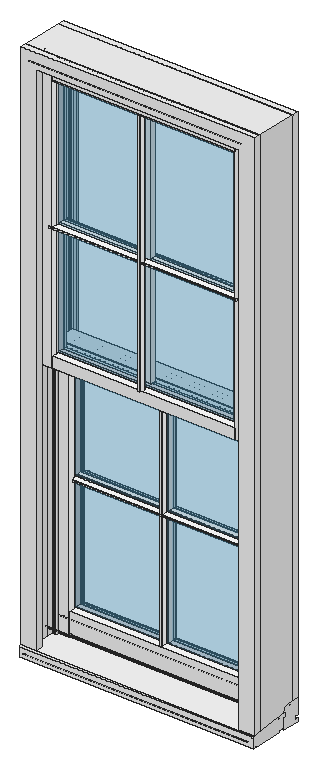
Revit family "S1-44", category Generic Models, Revit 2012
Parameters (values of type "Window Sill drawing")
  Width = 757 mm
  Height = 1770 mm
  GlazingPanelMaterial = Glass
  Floor Material = White
Reference planes
  plane 1 "Center (Front/Back)": y = 0
  plane 2: z = 0
  plane 3 "Center (Left/Right)": x = 0
  plane 4: z = 33
  plane 5: x = -714
  plane 6: x = -750
  plane 7: x = -718
  plane 8: x = 7
  plane 9: y = 67
  plane 10: y = -67
  plane 11: x = -25
  plane 12: z = 1770
  plane 13: z = 1738
  plane 14: z = 578
  plane 15: y = -35.88
  plane 16: x = -705.5
  plane 17: x = -29
  plane 18: y = 35.12
  plane 19: x = -705.5
  plane 20: z = 622
  plane 21: z = 117
  plane 22: y = 72.25
  plane 23: x = -371.5
  plane 24: y = -35.88
  plane 25: x = -36
  plane 26: y = 35.12
  plane 27: x = -36
  plane 28: z = 900.5
  plane 29: z = 910.5
  plane 30: y = 46.992
  plane 31: y = 46.992
  plane 32: y = 46.992
  plane 33: z = 501.251
  plane 34: z = 1734
  plane 35: z = 1254.52
  plane 36: y = 46.992
  plane 37: y = 46.992
  plane 38: y = 46.992
  plane 39: y = -30.499
  plane 40: y = -30.499
  plane 41: y = -30.499
Forms (mm)
  Extrusion 1, solid, not visible
    sketch origin (0, 0, 9.375) x (0, 1, 0) y (0, 0, 1)
      loop
        line (94.662, 311.911) -> (94.314, 312.868) -> (95.314, 312.868) -> (93.454, 317.977) -> (86.115, 317.977) -> (85.011, 317.575) -> (64.143, 317.575) -> (64.143, 311.911) -> (94.662, 311.911)
    from 0 to 250
  Extrusion 2, solid, not visible
    sketch origin (0, 0, 9.375) x (0, 1, 0) y (0, 0, 1)
      loop
        line (93.688, 317.334) -> (85.92, 317.334) -> (87.101, 312.926) -> (95.293, 312.926) -> (93.688, 317.334)
      loop
        line (91.853, 322.376) -> (91.853, 328.194)
        arc (91.853, 328.194) -> (91.424, 329.231) -> (90.388, 329.66) r 1.465
        line (90.388, 329.66) -> (71.853, 329.66) -> (71.853, 322.376) -> (91.853, 322.376)
      loop
        line (73.373, 320.598) -> (64.143, 320.598) -> (64.143, 317.575) -> (73.373, 317.575) -> (73.373, 320.598)
      loop
        line (61.169, 311.884) -> (61.169, 316.884) -> (56.169, 316.884)
        arc (56.169, 316.884) -> (53.926, 317.813) -> (52.996, 320.057) r 3.173
        line (52.996, 320.057) -> (52.996, 327.594)
        arc (52.996, 327.594) -> (53.247, 329.284) -> (54.656, 330.25) r 2.138
        line (54.656, 330.25) -> (56.493, 330.25)
        arc (56.493, 330.25) -> (57.939, 329.727) -> (58.925, 328.548) r 2.95
        line (58.925, 328.548) -> (59.306, 324.922) -> (61.24, 324.922) -> (60.612, 330.901)
        arc (60.612, 330.901) -> (59.723, 332.646) -> (57.894, 333.348) r 2.733
        line (57.894, 333.348) -> (52.423, 333.348)
        arc (52.423, 333.348) -> (50.164, 330.795) -> (49.999, 327.391) r 5.139
        line (49.999, 327.391) -> (47.957, 316.884)
        arc (47.957, 316.884) -> (49.179, 314.507) -> (49.698, 311.884) r 9.583
        line (49.698, 311.884) -> (61.169, 311.884)
    from 0 to 250
  Extrusion 3, solid, not visible
    sketch origin (-848.022, -244.537, 0) x (1, 0, 0) y (0, 1, 0)
      loop
        line (-156.504, 643.402) -> (-146.504, 653.402) -> (-146.504, 655.402) -> (-162.504, 655.402) -> (-162.504, 703.402) -> (-199.504, 703.402)
        arc (-199.504, 703.402) -> (-201.625, 702.524) -> (-202.504, 700.402) r 3
        line (-202.504, 700.402) -> (-202.504, 695.402) -> (-196.504, 695.402) -> (-196.504, 692.402) -> (-202.504, 692.402) -> (-202.504, 679.402) -> (-196.504, 679.402) -> (-196.504, 667.402) -> (-202.504, 667.402) -> (-202.504, 646.402)
        arc (-202.504, 646.402) -> (-201.625, 644.281) -> (-199.504, 643.402) r 3
        line (-199.504, 643.402) -> (-156.504, 643.402)
    from 672 to 1294
  Extrusion 4, solid, not visible
    sketch origin (-848.022, -244.537, 0) x (1, 0, 0) y (0, 1, 0)
      loop
        line (-162.504, 700.402) -> (-162.504, 681.402) -> (-150.504, 681.402) -> (-150.504, 684.402) -> (-146.504, 685.402) -> (-146.504, 689.402) -> (-149.504, 689.402)
        arc (-149.504, 689.402) -> (-151.847, 695.059) -> (-157.504, 697.402) r 8
        line (-157.504, 697.402) -> (-157.504, 700.402) -> (-162.504, 700.402)
    from 672 to 1294
  Extrusion 5, solid, not visible
    sketch origin (-511.418, -643.152, -230) x (1, 0, 0) y (0, 1, 0)
      loop
        line (-200.504, 641.902) -> (-200.504, 638.902) -> (-198.254, 638.902) -> (-198.254, 634.902) -> (-195.818, 634.902) -> (-195.818, 638.902) -> (-193.504, 638.902) -> (-193.504, 641.902) -> (-195.282, 641.902) -> (-195.282, 641.116) -> (-194.482, 641.116) -> (-194.482, 639.814) -> (-199.81, 639.814) -> (-199.81, 641.116) -> (-199.01, 641.116) -> (-199.01, 641.902) -> (-200.504, 641.902)
    from 230 to 852
  Extrusion 6, solid, not visible
    sketch origin (-511.418, -643.152, -140) x (1, 0, 0) y (0, 1, 0)
      loop
        line (-194.482, 639.814) -> (-194.482, 641.116) -> (-199.81, 641.116) -> (-199.81, 639.814) -> (-194.482, 639.814)
    from 140 to 762
  Extrusion 7, solid, not visible
    sketch origin (-511.418, -643.152, 0) x (1, 0, 0) y (0, 1, 0)
      loop
        spline (-199.847, 645.779) -> (-199.478, 645.505) -> (-199.241, 645.183) -> (-199.108, 644.823) -> (-199.048, 644.431) -> (-199.033, 644.016) -> (-199.035, 643.585) -> (-199.023, 643.147) -> (-198.97, 642.709) -> (-198.847, 642.279) -> (-198.624, 641.865) -> (-198.272, 641.475) -> (-197.764, 641.116)
        line (-197.764, 641.116) -> (-196.529, 641.116)
        spline (-196.529, 641.116) -> (-195.991, 641.457) -> (-195.612, 641.839) -> (-195.363, 642.251) -> (-195.215, 642.684) -> (-195.139, 643.129) -> (-195.106, 643.577) -> (-195.086, 644.017) -> (-195.05, 644.441) -> (-194.969, 644.838) -> (-194.814, 645.2) -> (-194.556, 645.517) -> (-194.166, 645.779)
        line (-194.166, 645.779) -> (-199.847, 645.779)
    from 0 to 622
  Sweep 8, solid, material "White" <- "Floor Material"
    path origin (0, 0, 0) x (1, 0, 0) y (0, 0, 1)
      loop
        line (-725, 33) -> (-725, 1745) -> (-18, 1745) -> (-18, 33)
    profile origin (-371.5, 0, 1745) x (0, 0, 1) y (0, -1, 0)
      loop
        line (0, -4) -> (0, 4) -> (-17.634, 4) -> (-17.634, 2.635) -> (-15.193, 2.635) -> (-15.193, 1.135) -> (-22.193, 1.135) -> (-22.193, 2.635) -> (-19.789, 2.635) -> (-19.789, 4) -> (-21, 4)
        arc (-21, 4) -> (-25, 0) -> (-21, -4) r 4
        line (-21, -4) -> (0, -4)
  Sweep 9, solid, material "White" <- "Floor Material"
    path origin (0, 87, 0) x (1, 0, 0) y (0, 0, 1)
      loop
        line (7, 68.003) -> (7, 1770) -> (-750, 1770) -> (-750, 68.003)
    profile origin (-371.5, 87, 1770) x (0, 0, -1) y (0, -1, 0)
      loop
        line (0, 20) -> (0, 0) -> (32, 0) -> (32, 20) -> (23, 20) -> (23, 15) -> (15, 15) -> (15, 20) -> (0, 20)
  Sweep 10, solid, material "White" <- "Floor Material"
    path origin (0, -87, 0) x (1, 0, 0) y (0, 0, -1)
      loop
        line (7, -33) -> (7, -1770) -> (-750, -1770) -> (-750, -33)
    profile origin (-371.5, -87, 1770) x (0, 0, 1) y (0, 1, 0)
      loop
        line (0, 0) -> (0, 20) -> (-15, 20) -> (-15, 15) -> (-23, 15) -> (-23, 20) -> (-38, 20) -> (-38, 17) -> (-40.25, 17) -> (-40.25, 13) -> (-42.75, 13) -> (-42.75, 17) -> (-45, 17) -> (-45, 20) -> (-50, 20) -> (-50, 0) -> (0, 0)
  Sweep 11, solid, material "White" <- "Floor Material"
    path origin (0, 67, 0) x (-1, 0, 0) y (0, 0, -1)
      loop
        line (718, -1738) -> (718, -68) -> (25, -68) -> (25, -1738) -> (718, -1738)
    profile origin (-371.5, 67, 1738) x (0, 0, 1) y (0, -1, 0)
      loop
        line (0, -14) -> (0, 0) -> (-6.422, 0) -> (-6.422, -1.526) -> (-4.982, -1.526) -> (-4.982, -3.026) -> (-9.982, -3.026) -> (-9.982, -1.526) -> (-8.578, -1.526) -> (-8.578, 0) -> (-15, 0) -> (-15, -14)
        arc (-15, -14) -> (-9, -20) -> (-3, -14) r 6
        line (-3, -14) -> (0, -14)
  Extrusion 12, solid, material "White" <- "Floor Material"
    sketch origin (2366.619, -1603.085, 0) x (1, 0, 0) y (0, 1, 0)
      loop
        arc (-3077.619, 1597.085) -> (-3079.741, 1596.207) -> (-3080.619, 1594.085) r 3
        line (-3080.619, 1594.085) -> (-3080.619, 1589.085) -> (-3074.619, 1589.085) -> (-3074.619, 1586.085) -> (-3080.619, 1586.085) -> (-3080.619, 1577.085) -> (-3071.619, 1577.085)
        arc (-3071.619, 1577.085) -> (-3061.619, 1567.085) -> (-3071.619, 1557.085) r 10
        line (-3071.619, 1557.085) -> (-3080.619, 1557.085) -> (-3080.619, 1540.085)
        arc (-3080.619, 1540.085) -> (-3079.741, 1537.964) -> (-3077.619, 1537.085) r 3
        line (-3077.619, 1537.085) -> (-3034.619, 1537.085) -> (-3024.619, 1547.085) -> (-3024.619, 1549.085) -> (-3040.619, 1549.085) -> (-3040.619, 1597.085) -> (-3077.619, 1597.085)
    from 857.04 to 1738
  Extrusion 13, solid
    sketch origin (2366.119, -1602.966, 0) x (1, 0, 0) y (0, 1, 0)
      loop
        circle (-3071.619, 1567.085) r 5
      loop
        circle (-3071.619, 1567.085) r 8.5
    from 932.713 to 1738
  Extrusion 14, solid, material "White" <- "Floor Material"
    sketch origin (0, -3460.083, 275.912) x (0, 1, 0) y (0, 0, 1)
      loop
        line (3432.083, 609.128) -> (3406.083, 609.128) -> (3406.083, 625.128) -> (3404.083, 625.128) -> (3394.083, 615.128) -> (3394.083, 581.128) -> (3418.083, 581.128) -> (3418.083, 586.128) -> (3430.083, 586.128) -> (3430.083, 581.128) -> (3461.083, 581.128) -> (3461.083, 586.128) -> (3459.083, 596.128) -> (3454.083, 596.128) -> (3454.083, 606.128) -> (3448.083, 606.128) -> (3448.083, 609.128) -> (3454.083, 609.128) -> (3454.083, 625.128) -> (3436.083, 625.128) -> (3435.083, 621.128) -> (3432.083, 621.128) -> (3432.083, 609.128)
    from -668 to -75
  Sweep 15, solid, material "White" <- "Floor Material"
    path origin (0.117, -27.5, -0.107) x (1, 0, 0) y (0, 0, 1)
      loop
        line (-674, 901.166) -> (-674, 1720.303) -> (-69.217, 1720.303) -> (-69.217, 901.166)
    profile origin (-371.491, -27.5, 1720.196) x (0, 0, 1) y (0, -1, 0)
      loop
        line (-4.893, -19) -> (0.107, -19) -> (0.107, 0) -> (-11.893, 0) -> (-11.893, -3) -> (-15.893, -4) -> (-15.893, -8) -> (-12.893, -8)
        arc (-12.893, -8) -> (-10.55, -13.657) -> (-4.893, -16) r 8
        line (-4.893, -16) -> (-4.893, -19)
  Extrusion 16, solid, material "White" <- "Floor Material"
    sketch origin (0, -3459.584, -3.128) x (0, 1, 0) y (0, 0, 1)
      loop
        line (3466.247, 47.894) -> (3371.218, 36.226)
        arc (3371.218, 36.226) -> (3369.337, 35.236) -> (3368.583, 33.248) r 3
        line (3368.583, 33.248) -> (3368.583, 3.128) -> (3373.583, 3.128) -> (3373.583, 5.128)
        arc (3373.583, 5.128) -> (3376.583, 8.128) -> (3379.583, 5.128) r 3
        line (3379.583, 5.128) -> (3379.583, 3.128) -> (3472.583, 3.128) -> (3472.583, 8.128) -> (3492.583, 8.128) -> (3492.583, 36.128) -> (3497.583, 36.128) -> (3497.583, 51.128) -> (3492.583, 51.128) -> (3469.505, 48.362) -> (3472.487, 46.073)
        arc (3472.487, 46.073) -> (3472.935, 44.456) -> (3471.292, 44.114) r 1.15
        line (3471.292, 44.114) -> (3466.247, 47.894)
    from -750 to 7
  Extrusion 17, solid, material "White" <- "Floor Material"
    sketch origin (0, -3459.584, -3.128) x (0, 1, 0) y (0, 0, 1)
      loop
        line (3526.583, 71.128) -> (3509.696, 69.054)
        arc (3509.696, 69.054) -> (3509.999, 68.671) -> (3510.398, 68.387) r 1.737
        line (3510.398, 68.387) -> (3513.646, 65.849)
        arc (3513.646, 65.849) -> (3513.653, 64.316) -> (3512.131, 64.138) r 1.15
        line (3512.131, 64.138) -> (3506.202, 68.606) -> (3492.583, 66.933) -> (3492.583, 62.041)
        arc (3492.583, 62.041) -> (3495.583, 59.041) -> (3492.583, 56.041) r 3
        line (3492.583, 56.041) -> (3492.583, 51.128) -> (3497.583, 51.128) -> (3497.583, 36.128) -> (3492.583, 36.128) -> (3492.583, 3.128) -> (3546.583, 3.128) -> (3546.583, 13.128) -> (3536.583, 13.128) -> (3536.583, 23.128) -> (3546.583, 23.128) -> (3546.583, 71.128) -> (3526.583, 71.128)
    from -750 to 7
  Extrusion 18, solid, material "White" <- "Floor Material"
    sketch origin (0, -3460.084, -3.125) x (0, 1, 0) y (0, 0, 1)
      loop
        line (3525.083, 116.128) -> (3477.083, 116.128) -> (3477.083, 132.128) -> (3475.083, 132.128) -> (3465.083, 122.128) -> (3465.083, 55.519)
        arc (3465.083, 55.519) -> (3466.096, 53.272) -> (3468.449, 52.541) r 3
        line (3468.449, 52.541) -> (3473.083, 53.11) -> (3473.083, 59.11) -> (3476.083, 59.11) -> (3476.083, 53.478) -> (3487.083, 54.829) -> (3487.083, 76.794) -> (3503.083, 76.794) -> (3503.083, 71.794) -> (3514.083, 73.144) -> (3514.083, 79.144) -> (3517.083, 79.144) -> (3517.083, 73.513) -> (3522.449, 74.171)
        arc (3522.449, 74.171) -> (3524.33, 75.161) -> (3525.083, 77.149) r 3
        line (3525.083, 77.149) -> (3525.083, 116.128)
    from -668 to -75
  Extrusion 19, solid, material "Glass"
    sketch origin (2366.619, -1602.584, 0) x (1, 0, 0) y (0, 1, 0)
      loop
        line (-3036.619, 1575.085) -> (-3036.619, 1571.085) -> (-2439.619, 1571.085) -> (-2439.619, 1575.085) -> (-3036.619, 1575.085)
      loop
        line (-3036.619, 1555.085) -> (-3036.619, 1551.085) -> (-2439.619, 1551.085) -> (-2439.619, 1555.085) -> (-3036.619, 1555.085)
    from 891.04 to 1720.303
  Sweep 20, solid
    path origin (0, -39.498, 0) x (1, 0, 0) y (0, 0, 1)
      loop
        line (-670, 1724.433) -> (-670, 891.04) -> (-73, 891.04) -> (-73, 1724.433) -> (-670, 1724.433)
    profile origin (-371.5, -39.498, 1724.433) x (0, 0, 1) y (0, -1, 0)
      loop
        line (0, -8) -> (0, 8) -> (-10, 8) -> (-10, -8) -> (0, -8)
  Extrusion 21, solid, material "White" <- "Floor Material"
    sketch origin (2366.619, -1532.085, -542) x (1, 0, 0) y (0, 1, 0)
      loop
        arc (-3077.619, 1597.085) -> (-3079.741, 1596.207) -> (-3080.619, 1594.085) r 3
        line (-3080.619, 1594.085) -> (-3080.619, 1577.085) -> (-3071.619, 1577.085)
        arc (-3071.619, 1577.085) -> (-3061.619, 1567.085) -> (-3071.619, 1557.085) r 10
        line (-3071.619, 1557.085) -> (-3080.619, 1557.085) -> (-3080.619, 1548.085) -> (-3074.619, 1548.085) -> (-3074.619, 1545.085) -> (-3080.619, 1545.085) -> (-3080.619, 1540.085)
        arc (-3080.619, 1540.085) -> (-3079.741, 1537.964) -> (-3077.619, 1537.085) r 3
        line (-3077.619, 1537.085) -> (-3034.619, 1537.085) -> (-3024.619, 1547.085) -> (-3024.619, 1549.085) -> (-3040.619, 1549.085) -> (-3040.619, 1597.085) -> (-3077.619, 1597.085)
    from 585.128 to 1415.166
  Extrusion 22, solid
    sketch origin (2366.119, -1531.966, -542) x (1, 0, 0) y (0, 1, 0)
      loop
        circle (-3071.619, 1567.085) r 5
      loop
        circle (-3071.619, 1567.085) r 8.5
    from 655 to 1415.166
  Extrusion 23, solid, material "White" <- "Floor Material"
    sketch origin (0, -3389.081, -266.069) x (0, 1, 0) y (0, 0, 1)
      loop
        line (3454.081, 1139.128) -> (3454.081, 1167.128) -> (3387.081, 1167.128) -> (3387.081, 1162.128) -> (3389.081, 1152.128) -> (3394.081, 1152.128) -> (3394.081, 1142.585) -> (3400.302, 1142.585) -> (3400.302, 1139.128) -> (3394.081, 1139.128) -> (3394.081, 1123.128) -> (3406.081, 1123.128) -> (3406.081, 1139.128) -> (3454.081, 1139.128)
    from -703 to -40
  Sweep 24, solid, material "White" <- "Floor Material"
    path origin (0.117, 43.5, -542.107) x (1, 0, 0) y (0, 0, 1)
      loop
        line (-674, 1415.166) -> (-674, 655.107) -> (-69.217, 655.107) -> (-69.217, 1415.166) -> (-674, 1415.166)
    profile origin (-371.491, 43.5, 873.059) x (0, 0, 1) y (0, -1, 0)
      loop
        line (-4.893, -19) -> (0.107, -19) -> (0.107, 0) -> (-11.893, 0) -> (-11.893, -3) -> (-15.893, -4) -> (-15.893, -8) -> (-12.893, -8)
        arc (-12.893, -8) -> (-10.55, -13.657) -> (-4.893, -16) r 8
        line (-4.893, -16) -> (-4.893, -19)
  Extrusion 25, solid, material "Glass"
    sketch origin (2366.619, -1531.584, -541.101) x (1, 0, 0) y (0, 1, 0)
      loop
        line (-3036.619, 1575.085) -> (-3036.619, 1571.085) -> (-2439.619, 1571.085) -> (-2439.619, 1575.085) -> (-3036.619, 1575.085)
      loop
        line (-3036.619, 1555.085) -> (-3036.619, 1551.085) -> (-2439.619, 1551.085) -> (-2439.619, 1555.085) -> (-3036.619, 1555.085)
    from 658.101 to 1440.601
  Sweep 26, solid
    path origin (0, 31.502, -542) x (1, 0, 0) y (0, 0, 1)
      loop
        line (-670, 1438.538) -> (-670, 659.003) -> (-73, 659.003) -> (-73, 1438.538) -> (-670, 1438.538)
    profile origin (-371.5, 31.502, 896.538) x (0, 0, 1) y (0, -1, 0)
      loop
        line (0, -8) -> (0, 8) -> (-10, 8) -> (-10, -8) -> (0, -8)
  Extrusion 27, solid, material "White" <- "Floor Material"
    sketch origin (0, -3459.584, -3.128) x (0, 1, 0) y (0, 0, 1)
      loop
        line (3466.247, 47.894) -> (3371.218, 36.226)
        arc (3371.218, 36.226) -> (3369.337, 35.236) -> (3368.583, 33.248) r 3
        line (3368.583, 33.248) -> (3368.583, 3.128) -> (3373.583, 3.128) -> (3373.583, 5.128)
        arc (3373.583, 5.128) -> (3376.583, 8.128) -> (3379.583, 5.128) r 3
        line (3379.583, 5.128) -> (3379.583, 3.128) -> (3472.583, 3.128) -> (3472.583, 8.128) -> (3492.583, 8.128) -> (3492.583, 36.128) -> (3497.583, 36.128) -> (3497.583, 51.128) -> (3492.583, 51.128) -> (3469.505, 48.362) -> (3472.487, 46.073)
        arc (3472.487, 46.073) -> (3472.935, 44.456) -> (3471.292, 44.114) r 1.15
        line (3471.292, 44.114) -> (3466.247, 47.894)
    from -750 to 7
  Extrusion 28, solid, material "White" <- "Floor Material"
    sketch origin (0, -3459.584, -3.128) x (0, 1, 0) y (0, 0, 1)
      loop
        line (3526.583, 71.128) -> (3509.696, 69.054)
        arc (3509.696, 69.054) -> (3509.999, 68.671) -> (3510.398, 68.387) r 1.737
        line (3510.398, 68.387) -> (3513.646, 65.849)
        arc (3513.646, 65.849) -> (3513.653, 64.316) -> (3512.131, 64.138) r 1.15
        line (3512.131, 64.138) -> (3506.202, 68.606) -> (3492.583, 66.933) -> (3492.583, 62.041)
        arc (3492.583, 62.041) -> (3495.583, 59.041) -> (3492.583, 56.041) r 3
        line (3492.583, 56.041) -> (3492.583, 51.128) -> (3497.583, 51.128) -> (3497.583, 36.128) -> (3492.583, 36.128) -> (3492.583, 3.128) -> (3546.583, 3.128) -> (3546.583, 13.128) -> (3536.583, 13.128) -> (3536.583, 23.128) -> (3546.583, 23.128) -> (3546.583, 71.128) -> (3526.583, 71.128)
    from -750 to 7
  Extrusion 29, solid, material "White" <- "Floor Material"
    sketch origin (-3355.619, -1603.085, 0) x (-1, 0, 0) y (0, -1, 0)
      loop
        line (-3323.619, -1597.085) -> (-3286.619, -1597.085) -> (-3286.619, -1549.085) -> (-3270.619, -1549.085) -> (-3270.619, -1547.085) -> (-3280.619, -1537.085) -> (-3323.619, -1537.085)
        arc (-3323.619, -1537.085) -> (-3325.741, -1537.964) -> (-3326.619, -1540.085) r 3
        line (-3326.619, -1540.085) -> (-3326.619, -1557.085) -> (-3317.619, -1557.085)
        arc (-3317.619, -1557.085) -> (-3307.619, -1567.085) -> (-3317.619, -1577.085) r 10
        line (-3317.619, -1577.085) -> (-3326.619, -1577.085) -> (-3326.619, -1586.085) -> (-3320.619, -1586.085) -> (-3320.619, -1589.085) -> (-3326.619, -1589.085) -> (-3326.619, -1594.085)
        arc (-3326.619, -1594.085) -> (-3325.741, -1596.207) -> (-3323.619, -1597.085) r 3
    from 857.04 to 1738
  Extrusion 30, solid
    sketch origin (-3107.619, -1602.966, 0) x (-1, 0, 0) y (0, -1, 0)
      loop
        circle (-3071.619, -1567.085) r 5
      loop
        circle (-3071.619, -1567.085) r 8.5
    from 1738 to 898.5
  Extrusion 31, solid, material "White" <- "Floor Material"
    sketch origin (-3355.619, -1532.085, -542) x (-1, 0, 0) y (0, -1, 0)
      loop
        line (-3323.619, -1597.085) -> (-3286.619, -1597.085) -> (-3286.619, -1549.085) -> (-3270.619, -1549.085) -> (-3270.619, -1547.085) -> (-3280.619, -1537.085) -> (-3323.619, -1537.085)
        arc (-3323.619, -1537.085) -> (-3325.741, -1537.964) -> (-3326.619, -1540.085) r 3
        line (-3326.619, -1540.085) -> (-3326.619, -1545.085) -> (-3320.619, -1545.085) -> (-3320.619, -1548.085) -> (-3326.619, -1548.085) -> (-3326.619, -1557.085) -> (-3317.619, -1557.085)
        arc (-3317.619, -1557.085) -> (-3307.619, -1567.085) -> (-3317.619, -1577.085) r 10
        line (-3317.619, -1577.085) -> (-3326.619, -1577.085) -> (-3326.619, -1594.085)
        arc (-3326.619, -1594.085) -> (-3325.741, -1596.207) -> (-3323.619, -1597.085) r 3
    from 585.128 to 1415.059
  Extrusion 32, solid
    sketch origin (-3107.619, -1531.966, -542) x (-1, 0, 0) y (0, -1, 0)
      loop
        circle (-3071.619, -1567.085) r 5
      loop
        circle (-3071.619, -1567.085) r 8.5
    from 655 to 1414.04
  Sweep 33, solid, material "White" <- "Floor Material"
    path origin (0, 0, 0) x (1, 0, 0) y (0, 0, 1)
      loop
        line (-750, 33.101) -> (-750, 1770) -> (7, 1770) -> (7, 33.101)
    profile origin (-371.5, 0, 1770) x (0, 0, 1) y (0, -1, 0)
      loop
        line (0, -67) -> (0, 67) -> (-15, 67) -> (-15, 72) -> (-23, 72) -> (-23, 67) -> (-32, 67) -> (-32, 22.996) -> (-28.764, 19.761)
        arc (-28.764, 19.761) -> (-28.764, 18.424) -> (-30.101, 18.424) r 0.945
        line (-30.101, 18.424) -> (-32, 20.322) -> (-32, 4) -> (-25, 4) -> (-25, -4) -> (-32, -4) -> (-32, -67) -> (-23, -67) -> (-23, -72) -> (-15, -72) -> (-15, -67) -> (0, -67)
  Sweep 34, void
    path origin (0, 0, 0) x (1, 0, 0) y (0, 1, 0)
      loop
        line (-780, 0) -> (96, 0)
    profile origin (-342, 0, 0) x (0, 1, 0) y (0, 0, 1)
      loop
        line (6.58, 44.859) -> (-88.453, 33.191)
        arc (-88.453, 33.191) -> (-90.334, 32.201) -> (-91.087, 30.213) r 3
        line (-91.087, 30.213) -> (-103.128, 30.213) -> (-103.128, -6.095) -> (101.872, -6.095) -> (101.872, 68.092) -> (66.913, 68.092) -> (50.026, 66.019)
        arc (50.026, 66.019) -> (50.329, 65.635) -> (50.727, 65.352) r 1.737
        line (50.727, 65.352) -> (54.063, 62.721)
        arc (54.063, 62.721) -> (54.129, 61.261) -> (52.709, 60.915) r 1.15
        line (52.709, 60.915) -> (46.532, 65.57) -> (32.913, 63.898) -> (32.913, 59.005)
        arc (32.913, 59.005) -> (35.913, 56.005) -> (32.913, 53.005) r 3
        line (32.913, 53.005) -> (32.913, 48.092) -> (9.835, 45.327) -> (13.031, 42.868)
        arc (13.031, 42.868) -> (13.336, 41.304) -> (11.786, 40.936) r 1.15
        line (11.786, 40.936) -> (6.58, 44.859)
  Extrusion 35, solid, material "White" <- "Floor Material"
    sketch origin (-152.084, -46.104, 500.077) x (0, 0, 1) y (0, 1, 0)
      loop
        line (-8.825, 91.096) -> (11.175, 91.096) -> (11.175, 99.096) -> (9.175, 99.096) -> (9.175, 101.596) -> (3.675, 109.096) -> (3.675, 111.096) -> (-1.325, 111.096) -> (-1.325, 109.096) -> (-6.825, 101.596) -> (-6.825, 99.096) -> (-8.825, 99.096) -> (-8.825, 91.096)
      loop
        line (11.175, 62.296) -> (11.175, 65.096) -> (-8.825, 65.096) -> (-8.825, 62.296) -> (-1.325, 54.142) -> (-1.325, 52.142) -> (3.675, 52.142) -> (3.675, 54.142) -> (11.175, 62.296)
    from -78.091 to 505.916
  Extrusion 36, solid, material "White" <- "Floor Material"
    sketch origin (-152.084, 7.992, 899.345) x (0, 0, 1) y (0, 1, 0)
      loop
        line (-408.094, 34) -> (-408.094, 18) -> (-388.094, 18) -> (-388.094, 34) -> (-408.094, 34)
    from -77.084 to 515.916
  Extrusion 37, solid, material "White" <- "Floor Material"
    sketch origin (-2614.526, -119.588, 1263.345) x (0, 0, 1) y (0, -1, 0)
      loop
        line (-8.825, -93.096) -> (-8.825, -99.096) -> (-6.825, -99.096) -> (-6.825, -101.596) -> (-1.325, -109.096) -> (-1.325, -111.096) -> (3.675, -111.096) -> (3.675, -109.096) -> (9.175, -101.596) -> (9.175, -99.096) -> (11.175, -99.096) -> (11.175, -93.096) -> (-8.825, -93.096)
      loop
        line (-8.825, -61.911) -> (-8.825, -64.711) -> (11.175, -64.711) -> (3.624, -53.757) -> (3.624, -51.757) -> (-1.376, -51.757) -> (-1.376, -53.757) -> (-8.825, -61.911)
    from 1940.526 to 2545.533
  Extrusion 38, solid, material "White" <- "Floor Material"
    sketch origin (-2614.526, -65.742, 1662.614) x (0, 0, 1) y (0, -1, 0)
      loop
        line (-408.094, -34) -> (-388.094, -34) -> (-388.094, -18) -> (-408.094, -18) -> (-408.094, -34)
    from 1946.526 to 2540.533
  Extrusion 39, solid, material "White" <- "Floor Material"
    sketch origin (-372.675, -46.104, 338.837) x (1, 0, 0) y (0, 1, 0)
      loop
        line (-8.825, 91.096) -> (11.175, 91.096) -> (11.175, 99.096) -> (9.175, 99.096) -> (9.175, 101.596) -> (3.675, 109.096) -> (3.675, 111.096) -> (-1.325, 111.096) -> (-1.325, 109.096) -> (-6.825, 101.596) -> (-6.825, 99.096) -> (-8.825, 99.096) -> (-8.825, 91.096)
      loop
        line (11.175, 62.296) -> (11.175, 65.096) -> (-8.825, 65.096) -> (-8.825, 62.296) -> (-1.325, 54.142) -> (-1.325, 52.142) -> (3.675, 52.142) -> (3.675, 54.142) -> (11.175, 62.296)
    from -219.834 to 518.203
  Extrusion 40, solid, material "White" <- "Floor Material"
    sketch origin (26.594, 7.992, 338.837) x (1, 0, 0) y (0, 1, 0)
      loop
        line (-408.094, 34) -> (-408.094, 18) -> (-388.094, 18) -> (-388.094, 34) -> (-408.094, 34)
    from -219.834 to 544.663
  Extrusion 41, solid, material "White" <- "Floor Material"
    sketch origin (-381.967, -123.595, 1130.173) x (1, 0, 0) y (0, 1, 0)
      loop
        line (-8.825, 91.096) -> (11.175, 91.096) -> (11.175, 99.096) -> (9.175, 99.096) -> (9.175, 101.596) -> (3.675, 109.096) -> (3.675, 111.096) -> (-1.325, 111.096) -> (-1.325, 109.096) -> (-6.825, 101.596) -> (-6.825, 99.096) -> (-8.825, 99.096) -> (-8.825, 91.096)
      loop
        line (11.175, 62.296) -> (11.175, 65.096) -> (-8.825, 65.096) -> (-8.825, 62.296) -> (-1.325, 54.142) -> (-1.325, 52.142) -> (3.675, 52.142) -> (3.675, 54.142) -> (11.175, 62.296)
    from -239.133 to 561.731
  Extrusion 42, solid, material "White" <- "Floor Material"
    sketch origin (26.594, -65.758, 1130.173) x (1, 0, 0) y (0, 1, 0)
      loop
        line (-408.094, 34) -> (-408.094, 18) -> (-388.094, 18) -> (-388.094, 34) -> (-408.094, 34)
    from -219.834 to 590.13
  Extrusion 43, solid, material "White" <- "Floor Material"
    sketch origin (-1640.325, -1603.085, -1342.716) x (0, 0, -1) y (0, 1, 0)
      loop
        arc (-3073.716, 1597.085) -> (-3075.837, 1596.207) -> (-3076.716, 1594.085) r 3
        line (-3076.716, 1594.085) -> (-3076.716, 1589.085) -> (-3070.716, 1589.085) -> (-3070.716, 1586.085) -> (-3076.716, 1586.085) -> (-3076.716, 1571.959) -> (-3076.716, 1540.085)
        arc (-3076.716, 1540.085) -> (-3075.837, 1537.964) -> (-3073.716, 1537.085) r 3
        line (-3073.716, 1537.085) -> (-3034.619, 1537.085) -> (-3024.619, 1547.085) -> (-3024.619, 1549.085) -> (-3040.619, 1549.085) -> (-3040.619, 1597.085) -> (-3073.716, 1597.085)
    from 972.325 to 1565.325
  Extrusion 44, solid
    sketch origin (0, 0, 746.004) x (0, 1, 0) y (0, 0, 1)
      loop
        line (-74, 982.5) -> (-72.319, 981.278) -> (-72.319, 982.145) -> (-71.424, 981.25) -> (-71.424, 982.145) -> (-70.574, 981.25) -> (-70.813, 982.145) -> (-70, 982.145) -> (-70, 979) -> (-67, 979) -> (-67, 981.25) -> (-67.972, 981.25) -> (-67.972, 980) -> (-69.5, 980) -> (-69.5, 985) -> (-67.972, 985) -> (-67.972, 983.75) -> (-67, 983.75) -> (-67, 986) -> (-70, 986) -> (-70, 982.855) -> (-70.813, 982.855) -> (-70.574, 983.75) -> (-71.424, 982.855) -> (-71.424, 983.75) -> (-72.319, 982.855) -> (-72.319, 983.722) -> (-74, 982.5)
    from -8 to -735
  Extrusion 45, solid
    sketch origin (0, 0, 746.004) x (0, 1, 0) y (0, 0, 1)
      loop
        line (-67.972, 980) -> (-67.972, 981.974) -> (-66.727, 981.255) -> (-61.956, 980.921) -> (-61.034, 980) -> (-61.034, 985) -> (-61.956, 984.079) -> (-66.727, 983.745) -> (-67.972, 983.026) -> (-67.972, 985) -> (-69.5, 985) -> (-69.5, 980) -> (-67.972, 980)
    from -8 to -735
  Extrusion 46, solid
    sketch origin (0, 116.273, 748.034) x (0, 1, 0) y (0, 0, 1)
      loop
        line (-47.747, 979.984) -> (-46.247, 979.984) -> (-46.247, 984.984) -> (-47.747, 984.984) -> (-47.747, 982.815) -> (-48.992, 983.534) -> (-53.763, 983.868) -> (-54.685, 984.789) -> (-54.685, 980.179) -> (-53.763, 981.101) -> (-48.992, 981.434) -> (-47.747, 982.153) -> (-47.747, 979.984)
    from -8 to -735
  Extrusion 47, solid
    sketch origin (0, 116.273, -906.47) x (0, 1, 0) y (0, 0, 1)
      loop
        line (-47.747, 979.453) -> (-46.247, 979.453) -> (-46.247, 984.453) -> (-47.747, 984.453) -> (-47.747, 982.284) -> (-48.992, 983.002) -> (-53.763, 983.336) -> (-54.685, 984.257) -> (-54.685, 979.648) -> (-53.763, 980.569) -> (-48.992, 980.903) -> (-47.747, 981.622) -> (-47.747, 979.453)
    from -8 to -735
  Extrusion 48, solid
    sketch origin (0, 45.112, 744.822) x (0, 1, 0) y (0, 0, 1)
      loop
        line (-46.247, 977.984) -> (-46.247, 984.984) -> (-47.747, 984.984) -> (-47.747, 981.799) -> (-48.992, 982.518) -> (-53.763, 982.852) -> (-54.685, 983.773) -> (-54.685, 979.195) -> (-53.763, 980.116) -> (-48.992, 980.45) -> (-47.747, 981.169) -> (-47.747, 977.984) -> (-46.247, 977.984)
    from -8 to -735
  Extrusion 49, solid, material "Sill"
    sketch origin (0, -414.372, -503.702) x (0, 1, 0) y (0, 0, 1)
      loop
        line (399.221, 2233.777) -> (400.073, 2233.777) -> (401.113, 2234.377) -> (401.113, 2235.331) -> (400.073, 2234.731) -> (400.073, 2238.748) -> (394.12, 2238.748) -> (393.337, 2238.494) -> (394.134, 2238.204) -> (399.221, 2238.204) -> (399.221, 2233.777)
    from -738.202 to -8
  Extrusion 50, solid
    sketch origin (0, 0, 0.303) x (0, 1, 0) y (0, 0, 1)
      loop
        arc (-24.112, 1734.697) -> (-23.819, 1733.99) -> (-23.112, 1733.697) r 1
        line (-23.112, 1733.697) -> (-16.035, 1733.697)
        arc (-16.035, 1733.697) -> (-15.343, 1733.11) -> (-14.857, 1732.344) r 3.012
        line (-14.857, 1732.344) -> (-14.857, 1731.203) -> (-17.935, 1731.203) -> (-17.935, 1730.247) -> (-14.357, 1729.997) -> (-14.357, 1732.367) -> (-14, 1733.216) -> (-14, 1734.432)
        arc (-14, 1734.432) -> (-14.292, 1735.139) -> (-15, 1735.432) r 1
        line (-15, 1735.432) -> (-20.173, 1735.432)
        arc (-20.173, 1735.432) -> (-21.097, 1736.049) -> (-20.881, 1737.139) r 1
        line (-20.881, 1737.139) -> (-18.424, 1739.596)
        arc (-18.424, 1739.596) -> (-18.424, 1740.933) -> (-19.761, 1740.933) r 0.945
        line (-19.761, 1740.933) -> (-24.112, 1736.582) -> (-24.112, 1734.697)
      loop
        arc (-18.777, 1739.949) -> (-18.777, 1740.579) -> (-19.407, 1740.579) r 0.445
        line (-19.407, 1740.579) -> (-23.612, 1736.375) -> (-23.612, 1734.697)
        arc (-23.612, 1734.697) -> (-23.465, 1734.344) -> (-23.112, 1734.197) r 0.5
        line (-23.112, 1734.197) -> (-15.899, 1734.197)
        arc (-15.899, 1734.197) -> (-15.094, 1733.578) -> (-14.5, 1732.754) r 3.512
        line (-14.5, 1732.754) -> (-14.5, 1734.432)
        arc (-14.5, 1734.432) -> (-14.646, 1734.785) -> (-15, 1734.932) r 0.5
        line (-15, 1734.932) -> (-20.173, 1734.932)
        arc (-20.173, 1734.932) -> (-21.559, 1735.858) -> (-21.234, 1737.492) r 1.5
        line (-21.234, 1737.492) -> (-18.777, 1739.949)
    from -738.202 to -8
  Extrusion 51, solid, material "Sill"
    sketch origin (0, -343.73, 2308.726) x (0, 1, 0) y (0, 0, 1)
      loop
        line (398.83, -2233.777) -> (398.83, -2239.91) -> (394.818, -2240.411) -> (393.98, -2241.004) -> (394.938, -2241.371) -> (399.682, -2240.778) -> (399.682, -2234.506) -> (401.113, -2235.331) -> (401.113, -2234.377) -> (400.073, -2233.777) -> (398.83, -2233.777)
    from -735 to -8
  Extrusion 52, solid
    sketch origin (0, 0.009, 3.127) x (0, 1, 0) y (0, 0, 1)
      loop
        line (46.879, 64.971) -> (46.879, 62.157) -> (52.486, 57.931)
        arc (52.486, 57.931) -> (54.044, 58.035) -> (54.063, 59.596) r 1.15
        line (54.063, 59.596) -> (50.406, 62.453)
        arc (50.406, 62.453) -> (50.168, 63.172) -> (50.741, 63.666) r 0.681
        line (50.741, 63.666) -> (54.979, 64.196)
        arc (54.979, 64.196) -> (55.906, 64.686) -> (56.276, 65.666) r 1.481
        line (56.276, 65.666) -> (56.276, 71.596) -> (52.699, 71.346) -> (52.699, 70.391) -> (55.776, 70.391) -> (55.776, 67.112) -> (48.075, 66.167)
        arc (48.075, 66.167) -> (47.229, 65.817) -> (46.879, 64.971) r 1.196
      loop
        arc (48.084, 65.67) -> (47.588, 65.465) -> (47.383, 64.969) r 0.701
        line (47.383, 64.969) -> (47.383, 62.403) -> (52.795, 58.325)
        arc (52.795, 58.325) -> (53.665, 58.363) -> (53.716, 59.233) r 0.65
        line (53.716, 59.233) -> (50.098, 62.059)
        arc (50.098, 62.059) -> (49.686, 63.305) -> (50.679, 64.162) r 1.181
        line (50.679, 64.162) -> (54.917, 64.692)
        arc (54.917, 64.692) -> (55.531, 65.017) -> (55.776, 65.666) r 0.981
        line (55.776, 65.666) -> (55.776, 66.682) -> (48.084, 65.67)
    from -735 to -8
  Extrusion 53, solid, material "Sill"
    sketch origin (0, -384.577, 2288.7) x (0, 1, 0) y (0, 0, 1)
      loop
        line (398.83, -2233.777) -> (398.83, -2239.91) -> (394.818, -2240.411) -> (393.98, -2241.004) -> (394.938, -2241.371) -> (399.682, -2240.778) -> (399.682, -2234.506) -> (401.113, -2235.331) -> (401.113, -2234.377) -> (400.073, -2233.777) -> (398.83, -2233.777)
    from -735 to -8
  Extrusion 54, solid
    sketch origin (0, -40.839, -16.899) x (0, 1, 0) y (0, 0, 1)
      loop
        line (46.879, 64.971) -> (46.879, 62.157) -> (52.486, 57.931)
        arc (52.486, 57.931) -> (54.044, 58.035) -> (54.063, 59.596) r 1.15
        line (54.063, 59.596) -> (50.406, 62.453)
        arc (50.406, 62.453) -> (50.168, 63.172) -> (50.741, 63.666) r 0.681
        line (50.741, 63.666) -> (54.979, 64.196)
        arc (54.979, 64.196) -> (55.906, 64.686) -> (56.276, 65.666) r 1.481
        line (56.276, 65.666) -> (56.276, 71.596) -> (52.699, 71.346) -> (52.699, 70.391) -> (55.776, 70.391) -> (55.776, 67.112) -> (48.075, 66.167)
        arc (48.075, 66.167) -> (47.229, 65.817) -> (46.879, 64.971) r 1.196
      loop
        arc (48.084, 65.67) -> (47.588, 65.465) -> (47.383, 64.969) r 0.701
        line (47.383, 64.969) -> (47.383, 62.403) -> (52.795, 58.325)
        arc (52.795, 58.325) -> (53.665, 58.363) -> (53.716, 59.233) r 0.65
        line (53.716, 59.233) -> (50.098, 62.059)
        arc (50.098, 62.059) -> (49.686, 63.305) -> (50.679, 64.162) r 1.181
        line (50.679, 64.162) -> (54.917, 64.692)
        arc (54.917, 64.692) -> (55.531, 65.017) -> (55.776, 65.666) r 0.981
        line (55.776, 65.666) -> (55.776, 66.682) -> (48.084, 65.67)
    from -735 to -8
  Extrusion 55, solid, material "Sill"
    sketch origin (0, 2244.436, 1274.519) x (0, 0, -1) y (0, 1, 0)
      loop
        line (398.83, -2233.777) -> (398.83, -2239.91) -> (394.818, -2240.411) -> (393.98, -2241.004) -> (394.938, -2241.371) -> (399.682, -2240.778) -> (399.682, -2234.506) -> (401.113, -2235.331) -> (401.113, -2234.377) -> (400.073, -2233.777) -> (398.83, -2233.777)
    from -718 to -8
  Extrusion 56, solid
    sketch origin (-200, -61.475, 930.781) x (0, 0, -1) y (0, 1, 0)
      loop
        line (46.879, 64.971) -> (46.879, 62.157) -> (52.486, 57.931)
        arc (52.486, 57.931) -> (54.044, 58.035) -> (54.063, 59.596) r 1.15
        line (54.063, 59.596) -> (50.406, 62.453)
        arc (50.406, 62.453) -> (50.168, 63.172) -> (50.741, 63.666) r 0.681
        line (50.741, 63.666) -> (54.979, 64.196)
        arc (54.979, 64.196) -> (55.906, 64.686) -> (56.276, 65.666) r 1.481
        line (56.276, 65.666) -> (56.276, 71.596) -> (52.699, 71.346) -> (52.699, 70.391) -> (55.776, 70.391) -> (55.776, 67.112) -> (48.075, 66.167)
        arc (48.075, 66.167) -> (47.229, 65.817) -> (46.879, 64.971) r 1.196
      loop
        arc (48.084, 65.67) -> (47.588, 65.465) -> (47.383, 64.969) r 0.701
        line (47.383, 64.969) -> (47.383, 62.403) -> (52.795, 58.325)
        arc (52.795, 58.325) -> (53.665, 58.363) -> (53.716, 59.233) r 0.65
        line (53.716, 59.233) -> (50.098, 62.059)
        arc (50.098, 62.059) -> (49.686, 63.305) -> (50.679, 64.162) r 1.181
        line (50.679, 64.162) -> (54.917, 64.692)
        arc (54.917, 64.692) -> (55.531, 65.017) -> (55.776, 65.666) r 0.981
        line (55.776, 65.666) -> (55.776, 66.682) -> (48.084, 65.67)
    from -518 to 192
  Extrusion 57, solid, material "Sill"
    sketch origin (0, -2245.352, 484.259) x (0, 0, 1) y (0, -1, 0)
      loop
        line (398.83, -2233.777) -> (398.83, -2239.771) -> (393.875, -2240.39) -> (393.172, -2240.784) -> (393.95, -2240.992) -> (399.436, -2240.306) -> (399.436, -2234.364) -> (401.113, -2235.331) -> (401.113, -2234.377) -> (400.073, -2233.777) -> (398.83, -2233.777)
    from -718 to -8
  Extrusion 58, solid
    sketch origin (0, 60.247, 827.998) x (0, 0, 1) y (0, -1, 0)
      loop
        line (45.751, 66.361) -> (45.751, 61.738) -> (50.715, 58.245)
        arc (50.715, 58.245) -> (51.921, 58.359) -> (51.995, 59.568) r 0.932
        line (51.995, 59.568) -> (48.721, 62.126)
        arc (48.721, 62.126) -> (48.463, 63.19) -> (49.212, 63.988) r 1.15
        line (49.212, 63.988) -> (55.448, 64.767)
        arc (55.448, 64.767) -> (56.374, 65.257) -> (56.745, 66.237) r 1.481
        line (56.745, 66.237) -> (56.745, 71.629) -> (52.699, 71.346) -> (52.699, 70.391) -> (55.698, 70.391) -> (55.698, 66.361) -> (45.751, 66.361)
      loop
        arc (55.469, 65.264) -> (55.766, 65.621) -> (55.427, 65.939) r 0.339
        line (55.427, 65.939) -> (46.251, 65.939) -> (46.251, 61.997) -> (51.003, 58.654)
        arc (51.003, 58.654) -> (51.542, 58.688) -> (51.625, 59.222) r 0.432
        line (51.625, 59.222) -> (48.366, 61.761)
        arc (48.366, 61.761) -> (47.909, 63.2) -> (48.786, 64.428) r 1.688
        line (48.786, 64.428) -> (55.469, 65.264)
    from -718 to -8
Cuts and joins
  Sweep 34 cuts Sweep 8
  Sweep 34 cuts Sweep 10
  Sweep 34 cuts Sweep 33
Dimensions and locks
  plane 12 to plane 13 = 32 mm
  locked: plane 14 to level at 578
  plane 20 to plane 14 = 44 mm
  plane 21 to level = 117 mm
  "Height": plane 12 to level
  "Width": plane 6 to plane 8
  equal spacing: plane 6, plane 23, plane 8
  plane 6 to plane 8 = 757 mm
  Extrusion 35 sketch curve to Extrusion 35 sketch curve = 8 mm  (x2)
  Extrusion 35 sketch curve to Extrusion 35 sketch curve = 26 mm
  locked: plane 13 to plane 34 at 4
  plane 35 to level = 1254.52 mm
  plane 8 to plane 11 = 32 mm
  plane 11 to plane 17 = 4 mm
  Extrusion 39 sketch curve to Extrusion 39 sketch curve = 8 mm  (x2)
  Extrusion 39 sketch curve to Extrusion 39 sketch curve = 26 mm
  Extrusion 41 sketch curve to Extrusion 41 sketch curve = 8 mm  (x2)
  Extrusion 41 sketch curve to Extrusion 41 sketch curve = 26 mm
  Extrusion 14 to level = 857.04 mm
  aligned and locked: level to plane 2
  aligned and locked: plane 5 to Extrusion 12
  aligned and locked: Sweep 9 to plane 9
  aligned and locked: plane 10 to Sweep 10
  aligned and locked: plane 6 to Sweep 10
  aligned and locked: plane 6 to Sweep 9
  aligned and locked: plane 8 to Sweep 9
  aligned and locked: plane 8 to Sweep 10
  aligned and locked: plane 11 to Sweep 11
  aligned and locked: Sweep 11 to plane 7
  aligned and locked: plane 12 to Sweep 10
  aligned and locked: plane 5 to Extrusion 13
  aligned and locked: Sweep 33 sketch curve to plane 12
  aligned and locked: Sweep 33 sketch curve to plane 8
  aligned and locked: plane 6 to Sweep 33 sketch curve
  aligned and locked: Sweep 20 sketch curve to Extrusion 14
  aligned and locked: Extrusion 45 to Extrusion 44  (x2)
  aligned and locked: Extrusion 44 to Sweep 9  (x2)
  aligned and locked: Extrusion 46 to Sweep 9  (x2)
  aligned and locked: Extrusion 47 to Sweep 9  (x2)
  aligned and locked: Extrusion 48 to Sweep 9  (x2)
  aligned and locked: plane 34 to Extrusion 43  (x2)
  aligned and locked: Extrusion 50 to Extrusion 49
  aligned and locked: Extrusion 49 to Extrusion 50
  aligned and locked: Extrusion 50 to Sweep 9
  aligned and locked: Extrusion 51 to Extrusion 52
  aligned and locked: Extrusion 52 to Extrusion 51
  aligned and locked: Extrusion 52 to Sweep 9  (x2)
  aligned and locked: Sweep 34 sketch curve to Extrusion 28
  aligned and locked: Sweep 34 sketch curve to Extrusion 54
  aligned and locked: Extrusion 53 to Extrusion 54
  aligned and locked: Extrusion 54 to Extrusion 53
  aligned and locked: Extrusion 54 to Sweep 9
  aligned and locked: Sweep 9 to Extrusion 53
  aligned and locked: Extrusion 55 to Extrusion 57
  aligned and locked: Extrusion 58 to Extrusion 57  (x2)
  aligned and locked: Extrusion 58 to Extrusion 56
  aligned and locked: Extrusion 57 to Extrusion 56
  aligned and locked: Extrusion 57 to Extrusion 55
  aligned and locked: Extrusion 57 to Extrusion 58
Automatic sketch dimensions
  Sweep 8 sketch curve to plane 4 = 0 mm  (x2)
  Sweep 8 sketch curve to plane 7 = 7 mm
  plane 11 to Sweep 8 sketch curve = 7 mm
  plane 13 to Sweep 8 sketch curve = 7 mm
  Sweep 8 sketch curve to profile plane = 0 mm
  profile plane to Sweep 8 sketch curve = 0 mm
  profile plane to Sweep 8 sketch curve = 2.635 mm
  profile plane to Sweep 8 sketch curve = 15.193 mm
  Sweep 8 sketch curve to Sweep 8 sketch curve = 2.44 mm
  Sweep 8 sketch curve to Sweep 8 sketch curve = 2.155 mm
  Sweep 8 sketch curve to Sweep 8 sketch curve = 1.211 mm
  Sweep 8 sketch curve to Sweep 8 sketch curve = 1.193 mm
  Sweep 8 sketch curve to profile plane = 4 mm
  profile plane to Sweep 8 sketch curve = 1.135 mm
  Sweep 8 sketch curve to Sweep 8 sketch curve = 1.5 mm
  Sweep 8 sketch curve to Sweep 8 sketch curve = 1.365 mm
  plane 6 to Sweep 9 sketch curve = 0 mm
  Sweep 9 sketch curve to plane 8 = 0 mm
  Sweep 9 sketch curve to plane 12 = 0 mm
  plane 4 to Sweep 9 sketch curve = 35.003 mm  (x2)
  Sweep 9 sketch curve to profile plane = 0 mm  (x2)
  Sweep 9 sketch curve to profile plane = 15 mm
  Sweep 9 sketch curve to Sweep 9 sketch curve = 8 mm
  Sweep 9 sketch curve to Sweep 9 sketch curve = 9 mm
  profile plane to Sweep 9 sketch curve = 15 mm
  Sweep 9 sketch curve to Sweep 9 sketch curve = 5 mm  (x2)
  plane 6 to Sweep 10 sketch curve = 0 mm
  Sweep 10 sketch curve to plane 8 = 0 mm
  Sweep 10 sketch curve to plane 12 = 0 mm
  Sweep 10 sketch curve to plane 4 = 0 mm  (x2)
  Sweep 10 sketch curve to profile plane = 0 mm
  profile plane to Sweep 10 sketch curve = 0 mm
  profile plane to Sweep 10 sketch curve = 15 mm  (x2)
  Sweep 10 sketch curve to Sweep 10 sketch curve = 8 mm
  Sweep 10 sketch curve to Sweep 10 sketch curve = 15 mm
  Sweep 10 sketch curve to Sweep 10 sketch curve = 2.25 mm  (x2)
  Sweep 10 sketch curve to Sweep 10 sketch curve = 2.5 mm
  Sweep 10 sketch curve to Sweep 10 sketch curve = 5 mm  (x2)
  profile plane to Sweep 10 sketch curve = 13 mm
  Sweep 10 sketch curve to Sweep 10 sketch curve = 4 mm
  Sweep 10 sketch curve to Sweep 10 sketch curve = 0 mm
  Sweep 10 sketch curve to Sweep 10 sketch curve = 3 mm  (x2)
  Sweep 11 sketch curve to plane 11 = 0 mm
  Sweep 11 sketch curve to plane 7 = 0 mm
  Sweep 11 sketch curve to plane 13 = 0 mm
  plane 4 to Sweep 11 sketch curve = 35 mm
  Sweep 11 sketch curve to profile plane = 0 mm  (x2)
  profile plane to Sweep 11 sketch curve = 0 mm
  Sweep 11 sketch curve to Sweep 11 sketch curve = 3 mm
  Sweep 11 sketch curve to profile plane = 1.526 mm  (x2)
  profile plane to Sweep 11 sketch curve = 4.982 mm
  Sweep 11 sketch curve to Sweep 11 sketch curve = 1.44 mm
  Sweep 11 sketch curve to Sweep 11 sketch curve = 2.155 mm
  Sweep 11 sketch curve to Sweep 11 sketch curve = 6 mm
  Sweep 11 sketch curve to Sweep 11 sketch curve = 1.405 mm
  Sweep 11 sketch curve to Sweep 11 sketch curve = 1.5 mm
  Sweep 11 sketch curve to Sweep 11 sketch curve = 10.974 mm
  Extrusion 12 sketch curve to plane 5 = 0 mm  (x3)
  Extrusion 12 sketch curve to plane 5 = 3 mm  (x2)
  plane 10 to Extrusion 12 sketch curve = 1 mm
  Extrusion 12 sketch curve to Extrusion 12 sketch curve = 3 mm  (x2)
  Extrusion 12 sketch curve to plane 5 = 9 mm
  plane 1 "Center (Front/Back)" to Extrusion 12 sketch curve = 6 mm
  Extrusion 12 sketch curve to Extrusion 12 sketch curve = 34 mm
  Extrusion 12 sketch curve to Extrusion 12 sketch curve = 6 mm
  Extrusion 12 sketch curve to Extrusion 12 sketch curve = 10 mm  (x2)
  plane 10 to Extrusion 12 sketch curve = 11 mm
  plane 10 to Extrusion 12 sketch curve = 13 mm
  Extrusion 12 sketch curve to Extrusion 12 sketch curve = 17 mm
  Extrusion 12 sketch curve to Extrusion 12 sketch curve = 8 mm
  Extrusion 13 sketch curve to Extrusion 13 sketch curve = 0 mm  (x2)
  Extrusion 13 sketch curve to plane 15 = 0 mm
  Extrusion 13 sketch curve to plane 16 = 0 mm
  plane 10 to Extrusion 14 sketch curve = 1 mm
  plane 28 to Extrusion 14 sketch curve = 0.54 mm  (x2)
  plane 10 to Extrusion 14 sketch curve = 11 mm
  plane 10 to Extrusion 14 sketch curve = 13 mm
  Extrusion 14 sketch curve to Extrusion 14 sketch curve = 24 mm
  Extrusion 14 sketch curve to Extrusion 14 sketch curve = 12 mm  (x2)
  Extrusion 14 sketch curve to Extrusion 14 sketch curve = 2 mm
  Extrusion 14 sketch curve to Extrusion 14 sketch curve = 3 mm  (x2)
  Extrusion 14 sketch curve to Extrusion 14 sketch curve = 1 mm
  plane 1 "Center (Front/Back)" to Extrusion 14 sketch curve = 12 mm
  plane 1 "Center (Front/Back)" to Extrusion 14 sketch curve = 6 mm  (x2)
  plane 1 "Center (Front/Back)" to Extrusion 14 sketch curve = 1 mm
  Extrusion 14 sketch curve to plane 1 "Center (Front/Back)" = 1 mm
  Extrusion 14 sketch curve to plane 28 = 3.46 mm
  Extrusion 14 sketch curve to plane 28 = 9.46 mm
  Extrusion 14 sketch curve to plane 28 = 15.46 mm
  Extrusion 14 sketch curve to Extrusion 14 sketch curve = 10 mm  (x2)
  Extrusion 14 sketch curve to Extrusion 14 sketch curve = 23 mm
  Extrusion 14 sketch curve to Extrusion 14 sketch curve = 5 mm  (x2)
  Sweep 15 sketch curve to plane 34 = 13.804 mm
  Sweep 15 sketch curve to plane 5 = 40.117 mm
  Sweep 15 sketch curve to plane 17 = 40.1 mm
  plane 28 to Sweep 15 sketch curve = 0.559 mm  (x2)
  Sweep 15 sketch curve to profile plane = 0 mm
  Sweep 15 sketch curve to profile plane = 8 mm
  profile plane to Sweep 15 sketch curve = 15.893 mm
  Sweep 15 sketch curve to Sweep 15 sketch curve = 3 mm  (x3)
  Sweep 15 sketch curve to Sweep 15 sketch curve = 4 mm  (x2)
  profile plane to Sweep 15 sketch curve = 4.893 mm
  Sweep 15 sketch curve to profile plane = 0.107 mm
  Extrusion 16 sketch curve to level = 0 mm  (x2)
  Extrusion 16 sketch curve to plane 4 = 0 mm
  Extrusion 16 sketch curve to plane 4 = 2.879 mm
  Extrusion 16 sketch curve to plane 10 = 24 mm
  plane 4 to Extrusion 16 sketch curve = 0.098 mm
  Extrusion 16 sketch curve to Extrusion 16 sketch curve = 2.634 mm
  Extrusion 16 sketch curve to Extrusion 16 sketch curve = 5 mm  (x2)
  level to Extrusion 16 sketch curve = 2 mm
  Extrusion 16 sketch curve to Extrusion 16 sketch curve = 3 mm
  Extrusion 16 sketch curve to plane 1 "Center (Front/Back)" = 6.663 mm
  Extrusion 16 sketch curve to Extrusion 16 sketch curve = 3.259 mm
  Extrusion 16 sketch curve to Extrusion 16 sketch curve = 1.787 mm
  Extrusion 16 sketch curve to Extrusion 16 sketch curve = 0.661 mm
  Extrusion 16 sketch curve to Extrusion 16 sketch curve = 0.534 mm
  level to Extrusion 16 sketch curve = 5 mm
  Extrusion 16 sketch curve to plane 1 "Center (Front/Back)" = 13 mm
  Extrusion 16 sketch curve to Extrusion 16 sketch curve = 20.096 mm
  Extrusion 16 sketch curve to Extrusion 16 sketch curve = 0 mm
  plane 4 to Extrusion 16 sketch curve = 7.986 mm
  Extrusion 16 sketch curve to Extrusion 16 sketch curve = 0.941 mm
  Extrusion 16 sketch curve to Extrusion 16 sketch curve = 3.78 mm
  Extrusion 16 sketch curve to Extrusion 16 sketch curve = 0.468 mm
  plane 4 to Extrusion 16 sketch curve = 15 mm
  Extrusion 17 sketch curve to plane 4 = 0 mm
  Extrusion 17 sketch curve to level = 0 mm
  plane 4 to Extrusion 17 sketch curve = 15 mm
  Extrusion 17 sketch curve to plane 1 "Center (Front/Back)" = 33 mm
  Extrusion 17 sketch curve to Extrusion 17 sketch curve = 0 mm
  Extrusion 17 sketch curve to Extrusion 17 sketch curve = 5 mm
  Extrusion 17 sketch curve to Extrusion 17 sketch curve = 13.619 mm
  Extrusion 17 sketch curve to Extrusion 17 sketch curve = 3.494 mm
  Extrusion 17 sketch curve to Extrusion 17 sketch curve = 0.701 mm
  Extrusion 17 sketch curve to Extrusion 17 sketch curve = 0.799 mm
  Extrusion 17 sketch curve to Extrusion 17 sketch curve = 1.734 mm
  Extrusion 17 sketch curve to Extrusion 17 sketch curve = 0.661 mm
  Extrusion 17 sketch curve to Extrusion 17 sketch curve = 0.854 mm
  Extrusion 17 sketch curve to plane 9 = 0 mm
  Extrusion 17 sketch curve to plane 22 = 4.75 mm
  Extrusion 17 sketch curve to plane 22 = 14.75 mm
  Extrusion 17 sketch curve to Extrusion 17 sketch curve = 10 mm  (x2)
  level to Extrusion 17 sketch curve = 10 mm
  Extrusion 17 sketch curve to Extrusion 17 sketch curve = 4.913 mm
  Extrusion 17 sketch curve to Extrusion 17 sketch curve = 3 mm
  Extrusion 17 sketch curve to Extrusion 17 sketch curve = 13.01 mm
  Extrusion 17 sketch curve to Extrusion 17 sketch curve = 0.941 mm
  Extrusion 17 sketch curve to Extrusion 17 sketch curve = 4.893 mm
  Extrusion 17 sketch curve to Extrusion 17 sketch curve = 3.308 mm
  Extrusion 17 sketch curve to Extrusion 17 sketch curve = 0.218 mm
  Extrusion 17 sketch curve to Extrusion 17 sketch curve = 0.667 mm
  Extrusion 17 sketch curve to Extrusion 17 sketch curve = 5.279 mm
  Extrusion 18 sketch curve to plane 1 "Center (Front/Back)" = 5 mm
  Extrusion 18 sketch curve to Extrusion 18 sketch curve = 3 mm  (x3)
  Extrusion 18 sketch curve to Extrusion 18 sketch curve = 0.366 mm  (x2)
  Extrusion 18 sketch curve to Extrusion 18 sketch curve = 5 mm  (x2)
  Extrusion 18 sketch curve to Extrusion 18 sketch curve = 10 mm
  Extrusion 18 sketch curve to plane 21 = 3.997 mm
  Extrusion 18 sketch curve to Extrusion 18 sketch curve = 12 mm
  Extrusion 18 sketch curve to Extrusion 18 sketch curve = 11 mm  (x2)
  Extrusion 18 sketch curve to Extrusion 18 sketch curve = 16 mm
  Extrusion 18 sketch curve to plane 9 = 5 mm
  Extrusion 18 sketch curve to plane 9 = 2 mm
  Extrusion 18 sketch curve to Extrusion 18 sketch curve = 36.984 mm
  Extrusion 18 sketch curve to Extrusion 18 sketch curve = 1.995 mm
  Extrusion 18 sketch curve to Extrusion 18 sketch curve = 2.351 mm
  Extrusion 18 sketch curve to Extrusion 18 sketch curve = 0.659 mm
  Extrusion 18 sketch curve to Extrusion 18 sketch curve = 0.368 mm  (x2)
  Extrusion 18 sketch curve to Extrusion 18 sketch curve = 17.684 mm
  Extrusion 18 sketch curve to Extrusion 18 sketch curve = 3.591 mm
  Extrusion 18 sketch curve to Extrusion 18 sketch curve = 4.281 mm
  Extrusion 18 sketch curve to Extrusion 18 sketch curve = 5.632 mm
  plane 21 to Extrusion 18 sketch curve = 2.003 mm
  plane 21 to Extrusion 18 sketch curve = 12.003 mm
  Extrusion 19 sketch curve to plane 5 = 44 mm
  Extrusion 19 sketch curve to Extrusion 19 sketch curve = 0 mm  (x2)
  plane 10 to Extrusion 19 sketch curve = 19.501 mm
  Extrusion 19 sketch curve to plane 17 = 44 mm
  Extrusion 19 sketch curve to Extrusion 19 sketch curve = 4 mm  (x2)
  Extrusion 19 sketch curve to Extrusion 19 sketch curve = 16 mm
  Sweep 20 sketch curve to plane 5 = 44 mm
  Sweep 20 sketch curve to plane 17 = 44 mm
  Sweep 20 sketch curve to plane 34 = 9.567 mm
  profile plane to Sweep 20 sketch curve = 0 mm
  profile plane to Sweep 20 sketch curve = 10 mm
  Sweep 20 sketch curve to profile plane = 8 mm
  profile plane to Sweep 20 sketch curve = 8 mm
  Extrusion 21 sketch curve to plane 5 = 0 mm  (x3)
  Extrusion 21 sketch curve to Extrusion 21 sketch curve = 3 mm  (x3)
  Extrusion 21 sketch curve to plane 5 = 3 mm
  Extrusion 21 sketch curve to Extrusion 21 sketch curve = 9 mm  (x2)
  Extrusion 21 sketch curve to Extrusion 21 sketch curve = 31 mm
  Extrusion 21 sketch curve to plane 1 "Center (Front/Back)" = 5 mm
  Extrusion 21 sketch curve to Extrusion 21 sketch curve = 6 mm
  Extrusion 21 sketch curve to Extrusion 21 sketch curve = 10 mm  (x3)
  Extrusion 21 sketch curve to Extrusion 21 sketch curve = 5 mm
  Extrusion 21 sketch curve to Extrusion 21 sketch curve = 2 mm
  Extrusion 21 sketch curve to plane 9 = 5 mm
  Extrusion 22 sketch curve to Extrusion 22 sketch curve = 0 mm  (x2)
  Extrusion 22 sketch curve to plane 18 = 0 mm
  Extrusion 22 sketch curve to plane 19 = 0 mm
  Extrusion 23 sketch curve to plane 1 "Center (Front/Back)" = 0 mm
  plane 1 "Center (Front/Back)" to Extrusion 23 sketch curve = 2 mm
  Extrusion 23 sketch curve to plane 1 "Center (Front/Back)" = 5 mm  (x2)
  Extrusion 23 sketch curve to Extrusion 23 sketch curve = 6.221 mm
  Extrusion 23 sketch curve to Extrusion 23 sketch curve = 12 mm
  plane 28 to Extrusion 23 sketch curve = 0.559 mm
  Extrusion 23 sketch curve to plane 9 = 2 mm
  Extrusion 23 sketch curve to plane 28 = 4.441 mm
  Extrusion 23 sketch curve to Extrusion 23 sketch curve = 10 mm
  Extrusion 23 sketch curve to Extrusion 23 sketch curve = 9.543 mm
  Extrusion 23 sketch curve to Extrusion 23 sketch curve = 3.457 mm  (x2)
  Extrusion 23 sketch curve to Extrusion 23 sketch curve = 16 mm
  Sweep 24 sketch curve to plane 21 = 4 mm
  Sweep 24 sketch curve to plane 5 = 40.117 mm
  Sweep 24 sketch curve to plane 17 = 40.1 mm
  Sweep 24 sketch curve to plane 28 = 27.441 mm
  Sweep 24 sketch curve to profile plane = 0 mm
  Sweep 24 sketch curve to profile plane = 8 mm
  profile plane to Sweep 24 sketch curve = 15.893 mm
  Sweep 24 sketch curve to Sweep 24 sketch curve = 3 mm  (x3)
  Sweep 24 sketch curve to Sweep 24 sketch curve = 4 mm  (x2)
  profile plane to Sweep 24 sketch curve = 4.893 mm
  Sweep 24 sketch curve to profile plane = 0.107 mm
  Extrusion 25 sketch curve to plane 5 = 44 mm
  Extrusion 25 sketch curve to Extrusion 25 sketch curve = 0 mm  (x2)
  Extrusion 25 sketch curve to plane 17 = 44 mm
  Extrusion 25 sketch curve to plane 1 "Center (Front/Back)" = 19.501 mm
  Extrusion 25 sketch curve to Extrusion 25 sketch curve = 4 mm  (x2)
  Extrusion 25 sketch curve to Extrusion 25 sketch curve = 16 mm
  plane 21 to Sweep 26 sketch curve = 0.003 mm
  Sweep 26 sketch curve to plane 5 = 44 mm
  Sweep 26 sketch curve to plane 17 = 44 mm
  Sweep 26 sketch curve to plane 28 = 3.962 mm
  profile plane to Sweep 26 sketch curve = 0 mm
  profile plane to Sweep 26 sketch curve = 10 mm
  Sweep 26 sketch curve to profile plane = 8 mm
  profile plane to Sweep 26 sketch curve = 8 mm
  Extrusion 27 sketch curve to level = 0 mm  (x2)
  Extrusion 27 sketch curve to plane 4 = 0 mm
  Extrusion 27 sketch curve to plane 4 = 2.879 mm
  Extrusion 27 sketch curve to plane 10 = 24 mm
  plane 4 to Extrusion 27 sketch curve = 0.098 mm
  Extrusion 27 sketch curve to Extrusion 27 sketch curve = 2.634 mm
  Extrusion 27 sketch curve to Extrusion 27 sketch curve = 5 mm  (x2)
  level to Extrusion 27 sketch curve = 2 mm
  Extrusion 27 sketch curve to Extrusion 27 sketch curve = 3 mm
  Extrusion 27 sketch curve to plane 1 "Center (Front/Back)" = 6.663 mm
  Extrusion 27 sketch curve to Extrusion 27 sketch curve = 3.259 mm
  Extrusion 27 sketch curve to Extrusion 27 sketch curve = 1.787 mm
  Extrusion 27 sketch curve to Extrusion 27 sketch curve = 0.661 mm
  Extrusion 27 sketch curve to Extrusion 27 sketch curve = 0.534 mm
  level to Extrusion 27 sketch curve = 5 mm
  Extrusion 27 sketch curve to plane 1 "Center (Front/Back)" = 13 mm
  Extrusion 27 sketch curve to Extrusion 27 sketch curve = 20.096 mm
  Extrusion 27 sketch curve to Extrusion 27 sketch curve = 0 mm
  plane 4 to Extrusion 27 sketch curve = 7.986 mm
  Extrusion 27 sketch curve to Extrusion 27 sketch curve = 0.941 mm
